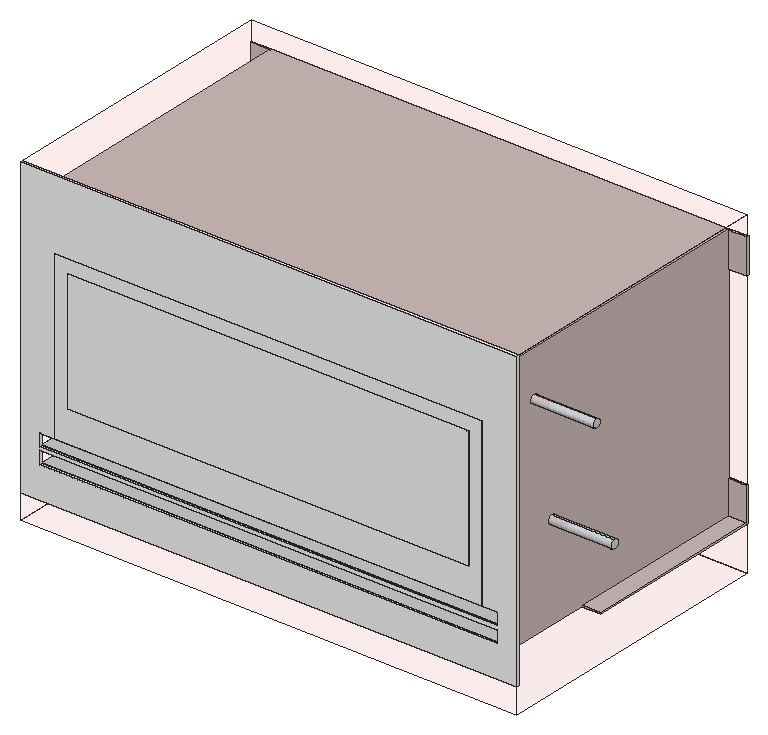
Revit family "Air-Curtain_Vestibule-Except_PoweredAire_CHA-HWST", category Mechanical Equipment, host Face, Revit 2016
Family settings
  Host = Face
  Part Type = Normal
  Round Connector Dimension = Use Diameter
  OmniClass Number = 23.75.35.17.21
  OmniClass Title = Air Curtains
  Cut with Voids When Loaded = No
  Shared = No
  Room Calculation Point = No
Parameters
  upperpiperotation [instance] = if(Upper Pipe Connection Side A, 0.00°, 180.00°)  # 0.00°
  lowerpiperotation [instance] = if(Lower Pipe Connection Side A, 0.00°, 180.00°)  # 0.00°
  locateupperpipe [instance] = if(Upper Pipe Connection Side A, 0' 0", Nozzle Width)  # 0' - 0"
  locatelowerpipe [instance] = if(Lower Pipe Connection Side A, 0' 0", Nozzle Width)  # 0' - 0"
  Warranty Duration (Years) = 0
  Upper Pipe Connection Side A [instance] = yes
  Unit Width Notes = "Other Widths available."  # constant formula
  Unit Width = 3' - 3"
  Unit Weight = 0
  Unit Height = 1' - 10 3/4"
  Unit Depth = 1' - 11 1/4"
  URL = "http://www.poweredaire.com/"
  Test Data = ""
  Standards Conformance = "as Specified"
  Specification = "http://www.arcat.com/sdspecs/htm04/23_34_33pai.htm"
  SpecWizard = ""
  Sound Pressure = "as Specified"
  Sales Information = "http://www.poweredaire.com/contact_us"
  Revision = "R1_2016-08"
  Projection from Host [instance] = 0' - 2"
  Product Properties = ""
  Product Data = "http://www.arcat.com/arcatcos/cos47/arc47623.html"
  Power Rating = 0 W
  Piping_Water Flow [instance] = 0 GPM
  Piping_Operating Pressure [instance] = 0.00 psi
  Piping_Exit Temperature [instance] = 0 °F
  Piping_Entry Temperature [instance] = 0 °F
  Pipe OD [instance] = 5/8"
  Nozzle Width = if(1 = 1, Unit Width - 0' 3", 0' 0")  # 3' - 0"
  Mounting Width = if(1 = 1, Unit Width - 0' 1 1/2", 0' 0")  # 3' - 1 1/2"
  Mounting Height [instance] = 3' - 6"
  Motor RPM = 0
  Motor HP = 0
  Motor Count = 0
  Model = "As Specified"
  Max Height = 0' - 0"
  Manufacturer Website = "http://www.poweredaire.com/"
  Manufacturer Phone - Toll Free = "888-321-2473"
  Manufacturer Phone = "724-588-3305"
  Manufacturer Fax = "724-588-3371"
  Manufacturer Address = "109 Mortensen Rd.  Greenville, PA 16125"
  Manufacturer = "Powered Aire, Inc"
  Maintenance Schedule (Months) = 0
  Lower Pipe Connection Side A [instance] = yes
  Keynote = "23 34 33"
  Installation-Fabrication = ""
  Installation Phase = ""
  Include Clearance [instance] = yes
  Heating Element Load = 0 W
  HVAC_Temperature Rise = 0 °F
  HVAC_Outlet Volume = 0 CFM
  HVAC_Outlet Velocity Uniformity = 0
  HVAC_Outlet Velocity = 0 FPM
  HVAC_BTU Input = 0.0 Btu/h
  Green Building-LEED = "http://www.arcat.com/green/clients/leed_data_47623.html"
  Front Grating Material [instance] = Metal - Steel - PoweredAire - White Perforated
  Frame Finish [instance] = Metal - Steel - PoweredAire - Stainless 304
  Expected Lifespan (Years) = 0
  Electrical_Wattage [instance] = Power Rating + Heating Element Load  # 0 W
  Electrical_Voltage [instance] = 0 V
  Electrical_Phase [instance] = 1
  Electrical_Frequency [instance] = 0 Hz
  Electrical_Amperage [instance] = 0 A
  Drawn By = "Sumex Design, Inc. / Robert S. Weygant, CSI, CDT, SCIP"
  Description = "Powered Aire Air Curtain as Specified"
  Default Elevation = 0' - 0"  # constant formula
  Cover Finish [instance] = Metal - Steel - PoweredAire - White
  Copyright = "©Arcat Inc."
  Construction Details = "http://www.arcat.com/details/powair/prod3336.html"
  Clearance_Top [instance] = 0' - 0"
  Clearance_Side B [instance] = 0' - 0"
  Clearance_Side A [instance] = 0' - 0"
  Clearance_Intake [instance] = 0' - 0"
  Clearance_Front [instance] = 0' - 0"
  Clearance Material [instance] = ARCAT Clearance
  Building Codes = ""
  Available Options [instance] = "as Specified"
  Assembly Code = "D3090400"
Reference planes (in)
  plane 1 "Center (Elevation)": y = 11.51318
  plane 2: z = 0
  plane 3 "Center (Left/Right)": x = 0
  plane 4: y = 22.88818
  plane 5: y = 0.13818
  plane 6: x = -19.5
  plane 7: x = 19.5
  plane 8: z = 25.25
  plane 9 "FF": y = -41.86182
  plane 10: z = 2
  plane 11: x = 18
  plane 12: x = -18
  plane 13: y = 22.88818
  plane 14: y = 0.13818
  plane 15: x = -19.5
  plane 16: x = 19.5
  plane 17: z = 25.25
  plane 18: y = 0.38818
  plane 19: x = 18
  plane 20: x = 18
  plane 21: z = 20.25
  plane 22: z = 11
Forms (in)
  Extrusion 1, solid, material "ARCAT Clearance" <- "Clearance Material", visible <- "Include Clearance"
    sketch origin (0, 0, 0) x (0, 1, 0) y (0, 0, 1)
      loop
        line (0.13818, 25.25) -> (0.13818, 0) -> (22.88818, 0) -> (22.88818, 25.25) -> (0.13818, 25.25)
    from -19.5 to 19.5
  Extrusion 2, solid, material "Metal - Steel - PoweredAire - White" <- "Cover Finish"
    sketch origin (0, 11.51318, 0) x (1, 0, 0) y (0, 0, 1)
      loop
        line (-19.5, 25.25) -> (-19.5, 2) -> (19.5, 2) -> (19.5, 25.25) -> (-19.5, 25.25)
    from 11.125 to 11.375
  Extrusion 3, solid, material "Metal - Steel - PoweredAire - Stainless 304" <- "Frame Finish"
    sketch origin (0, 11.51318, 0) x (1, 0, 0) y (0, 0, 1)
      loop
        line (18, 23.75) -> (-18, 23.75) -> (-18, 3.5) -> (18, 3.5) -> (18, 23.75)
    from -11.375 to 11.125
  Extrusion 4, void
    sketch origin (0, 0, 0) x (0, 1, 0) y (0, 0, 1)
      loop
        line (0.13818, 5.5) -> (0.13818, 4.5) -> (1.88818, 4.5) -> (1.88818, 6.75) -> (0.13818, 6.75) -> (0.13818, 5.75) -> (1.63818, 5.75) -> (1.63818, 5.5) -> (0.13818, 5.5)
    from -18 to 18
  Extrusion 5, solid, material "Metal - Steel - PoweredAire - White" <- "Cover Finish"
    sketch origin (-11.83813, 0.13818, 48) x (-1, 0, 0) y (0, 0, 1)
      loop
        line (4.91187, -41.25) -> (4.91187, -28.25) -> (-28.58813, -28.25) -> (-28.58813, -41.25) -> (4.91187, -41.25)
    from 0 to -0.03125
  Extrusion 6, solid, material "Metal - Steel - PoweredAire - White Perforated" <- "Front Grating Material"
    sketch origin (-11.83813, 0.10693, 48) x (1, 0, 0) y (0, 0, 1)
      loop
        line (-3.91187, -29.25) -> (-3.91187, -38.75) -> (27.58813, -38.75) -> (27.58813, -29.25) -> (-3.91187, -29.25)
    from 0 to 0.03125
  Extrusion 7, solid, material "Metal - Steel - PoweredAire - Stainless 304" <- "Frame Finish"
    sketch origin (-15.17702, -180, 2) x (-1, 0, 0) y (0, -1, 0)
      loop
        line (-33.17702, -202.88818) -> (-33.17702, -188.38818) -> (-34.67702, -188.38818) -> (-34.67702, -202.88818) -> (-33.17702, -202.88818)
      loop
        line (2.82298, -202.88818) -> (4.32298, -202.88818) -> (4.32298, -188.38818) -> (2.82298, -188.38818) -> (2.82298, -202.88818)
    from 1.5 to 1.625
  Extrusion 8, solid, material "Metal - Steel - PoweredAire - Stainless 304" <- "Frame Finish"
    sketch origin (-11.83813, 22.88818, 48) x (-1, 0, 0) y (0, 0, 1)
      loop
        line (7.66187, -44.5) -> (7.66187, -41.75) -> (6.16187, -41.75) -> (6.16187, -44.5) -> (7.66187, -44.5)
      loop
        line (-31.33813, -44.5) -> (-29.83813, -44.5) -> (-29.83813, -41.75) -> (-31.33813, -41.75) -> (-31.33813, -44.5)
      loop
        line (7.66187, -27) -> (7.66187, -24.25) -> (6.16187, -24.25) -> (6.16187, -27) -> (7.66187, -27)
      loop
        line (-31.33813, -27) -> (-29.83813, -27) -> (-29.83813, -24.25) -> (-31.33813, -24.25) -> (-31.33813, -27)
    from 0 to -0.125
  Sweep 9, solid
    path origin (18, 11.51318, 20.25) x (1, 0, 0) y (0, 0, 1)
      loop
        line (0, 0) -> (5, 0)
    profile origin (20.5, 11.51318, 20.25) x (0, 0, 1) y (0, -1, 0)
      loop
        circle (0, 7.875) r 0.3125
  Sweep 10, solid
    path origin (18, 11.51318, 11) x (1, 0, 0) y (0, 0, 1)
      loop
        line (0, 0) -> (5, 0)
    profile origin (20.5, 11.51318, 11) x (0, 0, 1) y (0, -1, 0)
      loop
        circle (0, 6.125) r 0.3125
Cuts and joins
  Extrusion 4 cuts Extrusion 1
  Extrusion 4 cuts Extrusion 2
  Extrusion 4 cuts Extrusion 3
Lines and regions (in)
  reference lines
    curve 1: line (18, 11.51318, 20.25) -> (25.75, 11.51318, 20.25)
    curve 2: line (18, 11.51318, 11) -> (26.25, 11.51318, 11)
Dimensions and locks (in)
  equal spacing: plane 4, plane 1 "Center (Elevation)", plane 5
  "Unit Height": plane 4 to plane 5
  equal spacing: plane 6, plane 3 "Center (Left/Right)", plane 7
  "Unit Width": plane 6 to plane 7
  "Mounting Height": plane 5 to plane 9 "FF"
  "Projection from Host": plane 10 to level
  "Unit Depth": plane 8 to plane 10
  locked: plane 6 to plane 12 at 1.5
  locked: plane 11 to plane 7 at 1.5
  "Clearance_Side A": plane 7 to plane 16
  "Clearance_Side B": plane 15 to plane 6
  "Clearance_Top": plane 13 to plane 4
  "Clearance_Intake": plane 5 to plane 14
  "Clearance_Front": plane 17 to plane 8
  locked: plane 8 to Extrusion 3 sketch curve at 1.5
  locked: Extrusion 3 sketch curve to plane 10 at 1.5
  locked: plane 7 to Extrusion 3 sketch curve at 1.5
  locked: Extrusion 3 sketch curve to plane 6 at 1.5
  locked: plane 18 to plane 5 at 0.25
  Extrusion 4 sketch curve to Extrusion 4 sketch curve to Extrusion 4 sketch curve to Extrusion 4 sketch curve to plane 10 = 0' - 1" locked, 0' - 0 1/4" locked, 0' - 1" locked, 0' - 2 1/2" locked
  Extrusion 5 sketch curve to Extrusion 5 sketch curve to plane 10 = 1' - 1" locked, 0' - 4 3/4" locked
  locked: plane 11 to Extrusion 5 sketch curve at 1.25
  locked: Extrusion 5 sketch curve to plane 12 at 1.25
  Extrusion 6 sketch curve to Extrusion 6 sketch curve to plane 10 = 0' - 9 1/2" locked, 0' - 7 1/4" locked
  locked: Extrusion 6 sketch curve to plane 12 at 2.25
  locked: plane 11 to Extrusion 6 sketch curve at 2.25
  locked: plane 4 to Extrusion 7 sketch curve at 14.5  (x2)
  Extrusion 8 sketch curve to Extrusion 8 sketch curve to Extrusion 8 sketch curve to Extrusion 8 sketch curve to plane 10 = 0' - 2 3/4" locked, 1' - 2 3/4" locked, 0' - 2 3/4" locked, 0' - 1 1/2" locked  (x2)
  "locatelowerpipe": plane 19 to plane 11
  "locateupperpipe": plane 20 to plane 11
  locked: plane 8 to plane 21 at 5
  locked: plane 22 to plane 10 at 9
  locked: curve 1 to Sweep 9 sketch curve at 5
  locked: curve 1 to Sweep 9 sketch curve
  locked: curve 2 to Sweep 10 sketch curve at 5
  locked: curve 2 to Sweep 10 sketch curve
  locked: plane 5 to Sweep 9 sketch curve at 3.5
  locked: plane 5 to Sweep 10 sketch curve at 5.25
  "lowerpiperotation": angle plane 21 to curve 1
  "upperpiperotation": angle plane 22 to curve 2
  aligned and locked: plane 2 to host face
  aligned and locked: level to host face
  aligned and locked: Extrusion 1 sketch curve to plane 17
  aligned and locked: plane 14 to Extrusion 1 sketch curve
  aligned and locked: level to Extrusion 1 sketch curve
  aligned and locked: Extrusion 1 sketch curve to plane 13
  aligned and locked: plane 16 to Extrusion 1
  aligned and locked: Extrusion 1 to plane 15
  aligned and locked: Extrusion 2 sketch curve to plane 8
  aligned and locked: plane 6 to Extrusion 2 sketch curve
  aligned and locked: Extrusion 2 sketch curve to plane 10
  aligned and locked: Extrusion 2 sketch curve to plane 7
  aligned and locked: Extrusion 3 to plane 4
  aligned and locked: Extrusion 3 to plane 18
  aligned and locked: Extrusion 2 to plane 18
  aligned and locked: Extrusion 2 to plane 5
  aligned and locked: plane 11 to Extrusion 4
  aligned and locked: Extrusion 4 to plane 12
  aligned and locked: Extrusion 7 sketch curve to plane 4  (x2)
  aligned and locked: plane 20 to curve 2
  aligned and locked: plane 22 to curve 2
  aligned and locked: plane 19 to curve 1
  aligned and locked: plane 21 to curve 1
Automatic sketch dimensions
  host sketch curve to host sketch curve = 8' - 0"  (x2)
  Extrusion 4 sketch curve to plane 5 = 0' - 0"  (x2)
  plane 18 to Extrusion 4 sketch curve = 0' - 1 1/4"
  Extrusion 4 sketch curve to Extrusion 4 sketch curve = 0' - 0 1/4"
  Extrusion 7 sketch curve to plane 7 = 0' - 0"
  Extrusion 7 sketch curve to plane 11 = 0' - 0"
  Extrusion 7 sketch curve to plane 12 = 0' - 0"
  Extrusion 7 sketch curve to plane 6 = 0' - 0"
  Extrusion 8 sketch curve to plane 7 = 0' - 0"  (x2)
  Extrusion 8 sketch curve to plane 11 = 0' - 0"  (x2)
  Extrusion 8 sketch curve to plane 12 = 0' - 0"  (x2)
  Extrusion 8 sketch curve to plane 6 = 0' - 0"  (x2)
  profile plane to Sweep 9 sketch curve = 0' - 0"
  profile plane to Sweep 10 sketch curve = 0' - 0"
  radius of Sweep 9 sketch curve = 0' - 0 5/16"
  radius of Sweep 10 sketch curve = 0' - 0 5/16"
Connectors (in)
  electrical at (-18, 6.38818, 9.625), driven by "Electrical_Voltage", driven by "Electrical_Phase"
    settings: on cut or joined group of Extrusion 3, Extrusion 4, index 1, voltage 0 V, apparent load 0 VA, apparent load phase1 0 VA, apparent load phase2 0 VA, apparent load phase3 0 VA, power factor 1, load classification "Other", number of poles 1, system type 31, power factor state 1, is connector primary yes, connector utility no, sub classification motor no, connector description ""
  piping at (23, 3.63818, 20.25), diameter 0.625, driven by "Pipe OD"
    settings: on Sweep 9, index 2, connector inside diameter 24", connector length 0' - 0", flow factor 0, pipe flow 0 GPM, pressure drop 0.00 psi, fitting loss kfactor 0, connector angle 0.00°, fixture units 0, engagement length 0' - 0", angle of deflection 0.00°, flow configuration 0, flow direction 0, fitting loss method 0, system type 29, joint type 0, gender type 0, connector reference index -1, connector utility 0, adjustable connector no, is connector primary no, connector description "Define Supply or Return and Location"
  piping at (23, 5.38818, 11), diameter 0.625, driven by "Pipe OD"
    settings: on Sweep 10, index 3, connector inside diameter 24", connector length 0' - 0", flow factor 0, pipe flow 0 GPM, pressure drop 0.00 psi, fitting loss kfactor 0, connector angle 0.00°, fixture units 0, engagement length 0' - 0", angle of deflection 0.00°, flow configuration 0, flow direction 0, fitting loss method 0, system type 29, joint type 0, gender type 0, connector reference index -1, connector utility 0, adjustable connector no, is connector primary yes, connector description "Define Supply or Return and Location"
